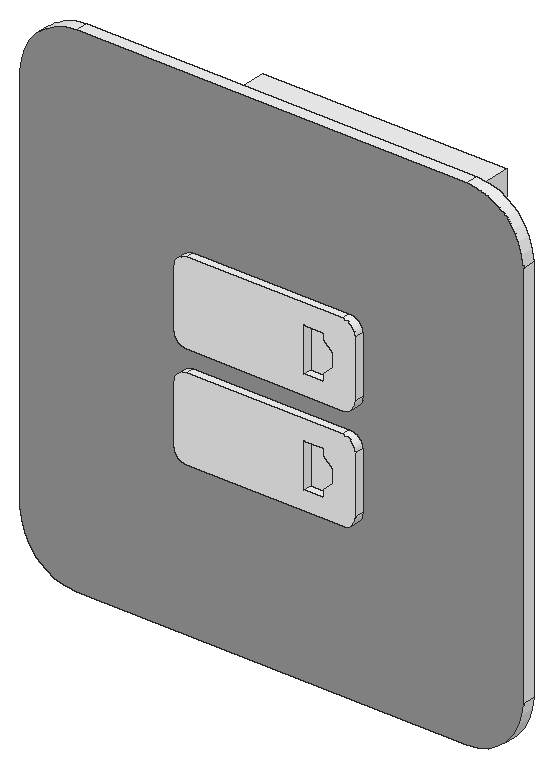
Revit family "EF_Veti-4x4-Two-Data", category Electrical Fixtures, Revit 2016
Family settings
  Maintain Annotation Orientation = No
  Part Type = Junction Box
  Round Connector Dimension = Use Diameter
  Work Plane-Based = No
  Always vertical = Yes
  Cut with Voids When Loaded = No
  Shared = No
  Room Calculation Point = No
Parameters (values of type "Two Data")
  Voltage_x = 0 V
  URL for TCP = "http://www.tcpbim.co.za"
  URL = "http://www.major-tech.com/15-veti"
  Type Comments = "Boxes"
  Switch Voltage = Voltage_x  # 0 V
  Made by = "Tolani Civil Projects cc"
  Data Point Height [instance] = 1200 mm
  Materials [instance] = 0 mm
  Manufacturer = "VETI"
  Load = 0 VA
  Description = "4x4 Two Data"
  Amperage = 0 A
Reference planes
  plane 1 "Center (Front/Back)": y = 0
  plane 2: z = 0
  plane 3 "Center (Left/Right)": x = 0
Forms (mm)
  Extrusion 1, solid, material "Plastic White"
    sketch origin (-181.105, 75, 0) x (1, 0, 0) y (0, 0, 1)
      loop
        arc (103.605, 1400) -> (87.695, 1393.41) -> (81.105, 1377.5) r 22.5
        line (81.105, 1377.5) -> (81.105, 1222.5)
        arc (81.105, 1222.5) -> (87.695, 1206.59) -> (103.605, 1200) r 22.5
        line (103.605, 1200) -> (258.605, 1200)
        arc (258.605, 1200) -> (274.515, 1206.59) -> (281.105, 1222.5) r 22.5
        line (281.105, 1222.5) -> (281.105, 1377.5)
        arc (281.105, 1377.5) -> (274.515, 1393.41) -> (258.605, 1400) r 22.5
        line (258.605, 1400) -> (103.605, 1400)
    from 75 to 80
  Extrusion 2, solid, material "Plastic White"
    sketch origin (-166.105, 0, 0) x (-1, 0, 0) y (0, 0, 1)
      loop
        line (-214.439, 1370) -> (-214.439, 1360) -> (-117.772, 1360) -> (-117.772, 1370) -> (-214.439, 1370)
    from 0 to 51.204
Cuts and joins
  joined: Extrusion 1, Extrusion 2
Dimensions and locks
  Extrusion 1 sketch curve to Extrusion 1 sketch curve = 200 mm
  Extrusion 2 sketch curve to Extrusion 2 sketch curve to Extrusion 1 = 10 mm, 30 mm
  Extrusion 2 sketch curve to Extrusion 2 sketch curve = 96.667 mm
  cut or joined group of Extrusion 1, Extrusion 2 to cut or joined group of Extrusion 1, Extrusion 2 = 200 mm
  cut or joined group of Extrusion 1, Extrusion 2 to cut or joined group of Extrusion 1, Extrusion 2 to cut or joined group of Extrusion 1, Extrusion 2 to cut or joined group of Extrusion 1, Extrusion 2 = 30 mm locked, 10 mm locked, 160 mm locked
  cut or joined group of Extrusion 1, Extrusion 2 to cut or joined group of Extrusion 1, Extrusion 2 to cut or joined group of Extrusion 1, Extrusion 2 = 51.204 mm locked, 5 mm locked
  cut or joined group of Extrusion 1, Extrusion 2 to cut or joined group of Extrusion 1, Extrusion 2 = 96.667 mm
  locked: cut or joined group of Extrusion 1, Extrusion 2 to plane 1 "Center (Front/Back)"
  plane 3 "Center (Left/Right)" to Extrusion 1 sketch curve = 100 mm
  locked: plane 3 "Center (Left/Right)" to cut or joined group of Extrusion 1, Extrusion 2 at 48.333
  cut or joined group of Extrusion 1, Extrusion 2 to nested 2 to nested 3 to cut or joined group of Extrusion 1, Extrusion 2 = 95.726 mm locked, 8.49 mm locked, 95.784 mm locked
  nested 2 to plane 3 "Center (Left/Right)" to nested 3 = 35.953 mm locked, 36.023 mm locked
  "Data Point Height": cut or joined group of Extrusion 1, Extrusion 2 to level
  aligned and locked: level to plane 2
  aligned and locked: nested 1 to plane 1 "Center (Front/Back)"
  aligned and locked: cut or joined group of Extrusion 1, Extrusion 2 to nested 2
  aligned and locked: cut or joined group of Extrusion 1, Extrusion 2 to nested 3
Automatic sketch dimensions
  Extrusion 1 sketch curve to plane 3 "Center (Left/Right)" = 77.5 mm
  plane 3 "Center (Left/Right)" to Extrusion 1 sketch curve = 77.5 mm  (x2)
  level to Extrusion 1 sketch curve = 1200 mm
  Extrusion 1 sketch curve to Extrusion 1 sketch curve = 22.5 mm  (x2)
  Extrusion 2 sketch curve to Extrusion 1 = 51.667 mm  (x2)
Nested families
  nested 1: "Power Point Test 1" at (0, 0, 0) x (-1, 0, 0) z (0, 0, 1), type "Receptacle Symbol"
  nested 2: "tel point" at (0.035, -5, 184.611), type "tel point"
  nested 3: "tel point" at (0.035, -5, 143.345), type "tel point"
Definition of nested family "tel point"
  Reference planes
    plane 1 "Center (Front/Back)": y = 0
    plane 2: z = 0
    plane 3 "Center (Left/Right)": x = 0
    plane 4 "Face": y = -3.514
    plane 5: z = 1136.051
  Forms (mm)
    Extrusion 1, solid
      sketch origin (-1.754, 2.672, -0.197) x (1, 0, 0) y (0, 0, 1)
        loop
          arc (-29.234, 1152.636) -> (-32.77, 1151.171) -> (-34.234, 1147.636) r 5
          line (-34.234, 1147.636) -> (-34.234, 1124.86)
          arc (-34.234, 1124.86) -> (-32.77, 1121.324) -> (-29.234, 1119.86) r 5
          line (-29.234, 1119.86) -> (32.741, 1119.86)
          arc (32.741, 1119.86) -> (36.277, 1121.324) -> (37.741, 1124.86) r 5
          line (37.741, 1124.86) -> (37.741, 1147.636)
          arc (37.741, 1147.636) -> (36.277, 1151.171) -> (32.741, 1152.636) r 5
          line (32.741, 1152.636) -> (-29.234, 1152.636)
      from 6.186 to -0.453
    Extrusion 2, void
      sketch origin (0, 0, 0) x (1, 0, 0) y (0, 0, 1)
        loop
          line (23.352, 1144.76) -> (15.471, 1144.76) -> (15.471, 1127.131) -> (23.352, 1127.131) -> (23.352, 1129.889) -> (26.889, 1133.425) -> (26.889, 1138.676) -> (23.352, 1142.212) -> (23.352, 1144.76)
      from 0 to 3.974
  Cuts and joins
    Extrusion 2 cuts Extrusion 1
  Lines and regions (mm)
    model lines
      curve 1: line (-19.91, -3.514, 1142.76) -> (-14.182, -3.514, 1142.76)
      curve 2: line (-23.91, -3.514, 1133.341) -> (-23.91, -3.514, 1138.76)
      curve 3: line (-14.182, -3.514, 1129.341) -> (-19.91, -3.514, 1129.341)
      curve 4: line (-10.182, -3.514, 1138.76) -> (-10.182, -3.514, 1133.341)
      curve 5: arc (-23.91, -3.514, 1138.76) -> (-22.738, -3.514, 1141.589) -> (-19.91, -3.514, 1142.76) r 4
      curve 6: arc (-14.182, -3.514, 1142.76) -> (-11.353, -3.514, 1141.589) -> (-10.182, -3.514, 1138.76) r 4
      curve 7: arc (-19.91, -3.514, 1129.341) -> (-22.738, -3.514, 1130.512) -> (-23.91, -3.514, 1133.341) r 4
      curve 8: arc (-10.182, -3.514, 1133.341) -> (-11.353, -3.514, 1130.512) -> (-14.182, -3.514, 1129.341) r 4
      curve 9: arc (-20.008, -3.514, 1132.598) -> (-18.556, -3.514, 1136.808) -> (-14.663, -3.514, 1138.968) r 6.219
  Dimensions and locks
    aligned and locked: plane 2 to level
Definition of nested family "Power Point Test 1"
  Parameters
    Plug Point Height = 1200 mm
  Reference planes
    plane 1: y = 0
    plane 2: x = 0
  Lines and regions (mm)
    Filled region 1, type "Filled region 1"
      outline origin (0, 0, 0) x (1, 0, 0) y (0, 1, 0)
        loop
          line (0.005, 0.736) -> (0.005, 2.236)
          arc (0.005, 2.236) -> (-1.056, 1.797) -> (-1.495, 0.736) r 1.5
          line (-1.495, 0.736) -> (0.005, 0.736)
    Filled region 2, type "Filled region 1"
      outline origin (0, 0, 0) x (1, 0, 0) y (0, 1, 0)
        loop
          line (1.767, 2.499) -> (2.657, 2.499) -> (1.767, 3.389) -> (1.767, 2.499)
    detail lines
      curve 1: line (-0.442, -0.034, 0) -> (-0.442, 0.736, 0)
      curve 2: arc (1.505, 0.736, 0) -> (0.005, 2.236, 0) -> (-1.495, 0.736, 0) r 1.5
      curve 3: line (0.451, -0.034, 0) -> (0.451, 0.736, 0)
      curve 4: line (-1.495, 0.736, 0) -> (1.505, 0.736, 0)
      curve 5: line (0.005, 0.736, 0) -> (0.005, 2.236, 0)
      curve 6: line (1.065, 1.797, 0) -> (1.767, 2.499, 0)
      curve 7: line (1.767, 2.499, 0) -> (1.767, 3.389, 0)
      curve 8: line (1.767, 3.389, 0) -> (2.657, 2.499, 0)
      curve 9: line (1.767, 2.499, 0) -> (2.657, 2.499, 0)
  Text (mm)
    label "A" at (-2.189, 3.565, 0), shows "Plug Point Height"
    text "D" at (0.209, 1.888, 0)
    text "5" at (1.828, 1.967, 0)
    text "(2x)" at (2.723, 1.967, 0)
  Dimensions and locks
    curve 1 to curve 3 = 0.893 mm
